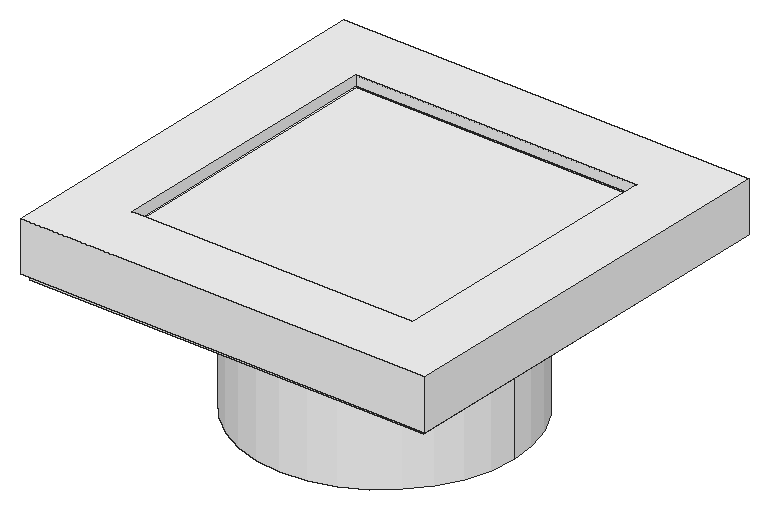
Revit family "Gira_228426", category Electrical Fixtures, host Face, Revit 2017
Family settings
  Host = Face
  Maintain Annotation Orientation = Yes
  Round Connector Dimension = Use Diameter
  Part Type = Normal
  Cut with Voids When Loaded = No
  Shared = No
  Room Calculation Point = No
Parameters (values of type "UP-Radio RDS o.Lautsprecher System 55 F Alu")
  Zusammenstellung = "Basiselement"
  White [instance] = White
  Werkstoffgüte = "sonstige"
  Werkstoff = "sonstige"
  URL = "http://katalog.gira.de/de_DE/datenblatt.html?artikelnr=228426"
  Region = "DE"
  Oberfläche = "sonstige"
  Name = "UP-Radio RDS o.Lautsprecher System 55 F Alu"
  Montageart = "unter Putz"
  Model = "Sys55_Komplettgerät_Schalten und Tasten"
  Manufacturer URL = "https://www.gira.de/"
  HeinzeBIM = "https://bimportal.heinze.de/bim/up-radio-rds-o-lautsprecher-system-55-f-alu/76ab203c1a6a820a19767614aff9e78f9418e144"
  Halogenfrei = "No"
  HAN = "228426"
  GTIN = "4010337889236"
  Farbe = "aluminium"
  Default Elevation = 1219.2 mm
  Data sheet (1) = "https://katalog.gira.de/de_DE/download.html?artikelnr=228426"
  Category = "Elektronik-Gerät für Installationsschalterprogramme"
  Befestigungsart = "Krallen-/Schraubbefestigung"
  Available = "Yes"
  Ausführung der Oberfläche = "nicht zutreffend"
  Ausführung = "Radio (*en-EN)"
Reference planes
  plane 1 "Center (Front/Back)": y = 0
  plane 2: z = 0
  plane 3 "Center (Left/Right)": x = 0
Forms (mm)
  Extrusion 1, solid, material "White" <- "White", detail levels medium
    sketch origin (0, 0, 0) x (1, 0, 0) y (0, 1, 0)
      loop
        line (-40.4, 40.4) -> (-40.4, -40.4) -> (40.4, -40.4) -> (40.4, 40.4) -> (-40.4, 40.4)
      loop
        line (-28, 28) -> (-28, -28) -> (28, -28) -> (28, 28) -> (-28, 28)
    from 0 to 10
  Extrusion 2, solid, material "White" <- "White", detail levels fine
    sketch origin (0, 0, 0) x (1, 0, 0) y (0, 1, 0)
      loop
        line (-40.4, 40.4) -> (-40.4, -40.4) -> (40.4, -40.4) -> (40.4, 40.4) -> (-40.4, 40.4)
      loop
        line (-28, 28) -> (-28, -28) -> (28, -28) -> (28, 28) -> (-28, 28)
    from 0 to 10
  Extrusion 3, void
    sketch origin (0, 0, 0) x (1, 0, 0) y (0, 1, 0)
      loop
        line (-38.4, 38.4) -> (-38.4, -38.4) -> (38.4, -38.4) -> (38.4, 38.4) -> (-38.4, 38.4)
    from 0 to 8
  Extrusion 4, solid, material "White" <- "White", detail levels medium+fine
    sketch origin (0, 0, 0) x (1, 0, 0) y (0, 1, 0)
      loop
        line (-39.4, 39.4) -> (-39.4, -39.4) -> (39.4, -39.4) -> (39.4, 39.4) -> (-39.4, 39.4)
    from 0 to -1
  Extrusion 5, solid, material "White" <- "White", detail levels medium+fine
    sketch origin (0, 0, 0) x (1, 0, 0) y (0, 1, 0)
      loop
        line (-35.5, 35.5) -> (-35.5, -35.5) -> (35.5, -35.5) -> (35.5, 35.5) -> (-35.5, 35.5)
    from -2 to -3
  Extrusion 6, solid, material "White" <- "White", detail levels medium+fine
    sketch origin (0, 0, 0) x (1, 0, 0) y (0, 1, 0)
      loop
        circle (0, 0) r 26
    from 0 to -27.5
  Extrusion 7, solid, material "White" <- "White", detail levels coarse
    sketch origin (0, 0, 0) x (1, 0, 0) y (0, 1, 0)
      loop
        line (-40.4, 40.4) -> (-40.4, -40.4) -> (40.4, -40.4) -> (40.4, 40.4) -> (-40.4, 40.4)
    from -27.5 to 10
Cuts and joins
  Extrusion 3 cuts Extrusion 2
Dimensions and locks
  aligned and locked: plane 2 to host face
  aligned and locked: level to host face
  aligned and locked: plane 3 "Center (Left/Right)" to nested 2
  aligned and locked: plane 1 "Center (Front/Back)" to nested 2
Nested families
  nested 1: "Sys55_Abdeckung_Schalten und Tasten_floor_base" at (0, 0, 0), type "Sys55_Abdeckung_Schalten und Tasten_floor_base"
  nested 2: "Schalter" at (0, 0, 0), type "Schalter"
Connectors
  electrical at (0, 0, -27.5)
    settings: on Extrusion 6, index 1, voltage 220 V, apparent load 0 VA, apparent load phase1 0 VA, apparent load phase2 0 VA, apparent load phase3 0 VA, power factor 1, load classification "Other", number of poles 1, system type 30, power factor state 1, is connector primary yes, connector utility no, sub classification motor no, connector description ""
Definition of nested family "Sys55_Abdeckung_Schalten und Tasten_floor_base"
  Parameters
    Default Elevation = 1219.2 mm
    White [instance] = none
  Reference planes
    plane 1 "Center (Front/Back)": y = 0
    plane 2: z = 0
    plane 3 "Center (Left/Right)": x = 0
  Forms (mm)
    Extrusion 1, solid
      sketch origin (0, 0, 0) x (1, 0, 0) y (0, 1, 0)
        loop
          line (-1219.2, 1219.2) -> (-1219.2, -1219.2) -> (1219.2, -1219.2) -> (1219.2, 1219.2) -> (-1219.2, 1219.2)
      from 0 to -304.8
    Extrusion 2, solid, material <- "White", detail levels fine
      sketch origin (0, 0, 0) x (1, 0, 0) y (0, 1, 0)
        loop
          line (-27.5, 27.5) -> (-27.5, -27.5) -> (27.5, -27.5) -> (27.5, 27.5) -> (-27.5, 27.5)
      from 0 to 8
    Extrusion 3, void
      sketch origin (0, 0, 0) x (1, 0, 0) y (0, 1, 0)
        loop
          line (26, 26) -> (-26, 26) -> (-26, -26) -> (26, -26) -> (26, 26)
      from 0 to 6
    Extrusion 4, solid, material <- "White", detail levels medium
      sketch origin (0, 0, 0) x (1, 0, 0) y (0, 1, 0)
        loop
          line (-27.5, 27.5) -> (-27.5, -27.5) -> (27.5, -27.5) -> (27.5, 27.5) -> (-27.5, 27.5)
      from 0 to 8
    Extrusion 5, solid, material <- "White", detail levels medium
      sketch origin (0, 0, 0) x (1, 0, 0) y (0, 1, 0)
        loop
          line (11, -17.5) -> (11, 17.5) -> (-11, 17.5) -> (-11, -17.5) -> (11, -17.5)
      from -6 to 6
    Extrusion 6, solid, material <- "White", detail levels fine
      sketch origin (0, 0, 0) x (1, 0, 0) y (0, 1, 0)
        loop
          line (11, 17.5) -> (-11, 17.5) -> (-11, 16.5) -> (11, 16.5) -> (11, 17.5)
        loop
          line (-11, -16.5) -> (-11, -17.5) -> (11, -17.5) -> (11, -16.5) -> (-11, -16.5)
      from -4 to 6
    Extrusion 7, solid, material <- "White", detail levels fine
      sketch origin (0, 0, 0) x (1, 0, 0) y (0, 1, 0)
        loop
          arc (5, 9.347) -> (0, 10.6) -> (-5, 9.347) r 10.6
          line (-5, 9.347) -> (-5, -9.347)
          arc (-5, -9.347) -> (0, -10.6) -> (5, -9.347) r 10.6
          line (5, -9.347) -> (5, 9.347)
      from -6 to 6
    Extrusion 8, solid, material <- "White", detail levels coarse
      sketch origin (0, 0, 0) x (1, 0, 0) y (0, 1, 0)
        loop
          line (-27.5, 27.5) -> (-27.5, -27.5) -> (27.5, -27.5) -> (27.5, 27.5) -> (-27.5, 27.5)
      from -6 to 8
  Cuts and joins
    Extrusion 3 cuts Extrusion 2
  Dimensions and locks
    aligned and locked: plane 2 to Extrusion 1
    aligned and locked: level to Extrusion 1
Definition of nested family "Schalter"
  Reference planes
    plane 1: y = 0
    plane 2: x = 0
  Lines and regions (mm)
    detail lines
      curve 1: circle (1.375, 2.778, 0) r 0.8 normal (0, 0, 1)
      curve 2: line (1.021, 2.061, 0) -> (0, 0, 0)
      curve 3: line (0, 0, 0) -> (-0.538, 0.266, 0)
  Dimensions and locks
    curve 2 to curve 2 = 2.3 mm
    curve 3 to curve 2 = 0.6 mm
    radius of curve 1 = 0.8 mm
